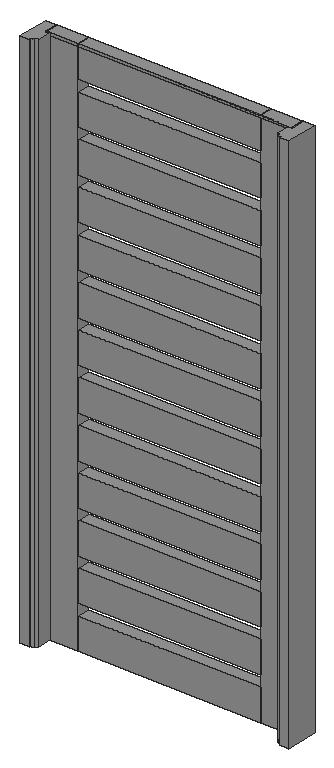
Revit family "H813HOR GATE 1800", category Doors, host Wall, Revit 2013
Parameters (values of type "H813HOR GATE 1800")
  Function = Interior
  Frame Projection Ext. = 25 mm
  Frame Projection Int. = 25 mm
  Frame Width = 75 mm
  Height = 1800 mm
  Wall Closure = By host
  Width = 889 mm
Reference planes
  plane 1: y = 0
  plane 2 "Center (Left/Right)": x = 0
  plane 3 "Left": x = -444.5
  plane 4 "Right": x = 444.5
  plane 5: z = 1800
  plane 6 "Exterior": y = 75
  plane 7 "Interior": y = -75
Forms (mm)
  Extrusion 1, solid, material "Lauan, Meranti"
    sketch origin (0, 175, 0) x (1, 0, 0) y (0, 1, 0)
      loop
        line (-406.5, -167.5) -> (-406.5, -122.5) -> (-444.5, -122.5) -> (-444.5, -227.5) -> (-414.5, -227.5) -> (-414.5, -224.5)
        arc (-414.5, -224.5) -> (-409.189, -222.973) -> (-405.5, -218.859) r 10
        line (-405.5, -218.859) -> (-402.33, -218.859)
        arc (-402.33, -218.859) -> (-399.543, -214.29) -> (-394.5, -212.5) r 8
        line (-394.5, -212.5) -> (-394.5, -167.5) -> (-406.5, -167.5)
      loop
        line (406.5, -167.5) -> (394.5, -167.5) -> (394.5, -212.5)
        arc (394.5, -212.5) -> (399.543, -214.29) -> (402.33, -218.859) r 8
        line (402.33, -218.859) -> (405.5, -218.859)
        arc (405.5, -218.859) -> (409.189, -222.973) -> (414.5, -224.5) r 10
        line (414.5, -224.5) -> (414.5, -227.5) -> (444.5, -227.5) -> (444.5, -122.5) -> (406.5, -122.5) -> (406.5, -167.5)
    from 0 to 1800
  Extrusion 2, solid, material "Lauan, Meranti"
    sketch origin (0, 1, 0) x (1, 0, 0) y (0, 1, 0)
      loop
        line (-406.5, 7.5) -> (-301.5, 7.5) -> (-301.5, 47.5) -> (-406.5, 47.5) -> (-406.5, 7.5)
      loop
        line (406.5, 7.5) -> (406.5, 47.5) -> (301.5, 47.5) -> (301.5, 7.5) -> (406.5, 7.5)
    from 0 to 1800
  Extrusion 3, solid, material "Lauan, Meranti"
    sketch origin (0, 1, 0) x (0, 1, 0) y (0, 0, 1)
      loop
        line (7.5, 0) -> (47.5, 0) -> (47.5, 105) -> (7.5, 105) -> (7.5, 0)
      loop
        line (47.5, 141.25) -> (47.5, 246.25) -> (7.5, 246.25) -> (7.5, 141.25) -> (47.5, 141.25)
      loop
        line (47.5, 282.5) -> (47.5, 387.5) -> (7.5, 387.5) -> (7.5, 282.5) -> (47.5, 282.5)
      loop
        line (47.5, 423.75) -> (47.5, 528.75) -> (7.5, 528.75) -> (7.5, 423.75) -> (47.5, 423.75)
      loop
        line (47.5, 565) -> (47.5, 670) -> (7.5, 670) -> (7.5, 565) -> (47.5, 565)
      loop
        line (47.5, 706.25) -> (47.5, 811.25) -> (7.5, 811.25) -> (7.5, 706.25) -> (47.5, 706.25)
      loop
        line (47.5, 847.5) -> (47.5, 952.5) -> (7.5, 952.5) -> (7.5, 847.5) -> (47.5, 847.5)
      loop
        line (47.5, 988.75) -> (47.5, 1093.75) -> (7.5, 1093.75) -> (7.5, 988.75) -> (47.5, 988.75)
      loop
        line (47.5, 1130) -> (47.5, 1235) -> (7.5, 1235) -> (7.5, 1130) -> (47.5, 1130)
      loop
        line (47.5, 1271.25) -> (47.5, 1376.25) -> (7.5, 1376.25) -> (7.5, 1271.25) -> (47.5, 1271.25)
      loop
        line (47.5, 1412.5) -> (47.5, 1517.5) -> (7.5, 1517.5) -> (7.5, 1412.5) -> (47.5, 1412.5)
      loop
        line (47.5, 1553.75) -> (47.5, 1658.75) -> (7.5, 1658.75) -> (7.5, 1553.75) -> (47.5, 1553.75)
      loop
        line (47.5, 1695) -> (47.5, 1800) -> (7.5, 1800) -> (7.5, 1695) -> (47.5, 1695)
    from -301.5 to 301.5
  Extrusion 4, solid, material "Aluminium"
    sketch origin (0, 0, 0) x (0, 1, 0) y (0, 0, 1)
      loop
        line (48.5, 1800) -> (48.5, 1794) -> (49.5, 1794) -> (49.5, 1801) -> (7.5, 1801) -> (7.5, 1794) -> (8.5, 1794) -> (8.5, 1800) -> (48.5, 1800)
    from -406.5 to 406.5
Lines and regions (mm)
  Opening 1
    outline origin (-3050, -75, 0) x (1, 0, 0) y (0, 0, 1)
      loop
        line (2605.5, 0) -> (3494.5, 0) -> (3494.5, 1800) -> (2605.5, 1800) -> (2605.5, 0)
  symbolic lines, style "Elevation Swing"
    curve 1: line (444.5, -75, 900) -> (-444.5, -75, 1800)
    curve 2: line (444.5, -75, 900) -> (-444.5, -75, 0)
  model lines
    curve 3: line (406.5, 52.5, 0) -> (406.5, 865.5, 0)
    curve 4: arc (-406.5, 52.5, 0) -> (-168.378, 627.378, 0) -> (406.5, 865.5, 0) r 813
Text (mm)
  text "Exterior" at (-2295.016, 1099.543, 0), in view "Ref. Level"
  text "Exterior" at (0, 1615.38, 3698.081), in view "Left"
  text "Exterior" at (0, 1036.032, 3874.932), in view "Right"
Dimensions and locks
  equal spacing: plane 3 "Left", plane 2 "Center (Left/Right)", plane 4 "Right"
  "Width": plane 3 "Left" to plane 4 "Right"
  "Height": plane 5 to host wall
  equal spacing: host wall, curve 2, plane 5
  host wall to plane 5 = 1800 mm
  locked: plane 6 "Exterior" to host wall at 0
  locked: plane 7 "Interior" to host wall
  plane 3 "Left" to plane 4 "Right" = 889 mm
  aligned and locked: plane 3 "Left" to Opening 1 sketch curve
  aligned and locked: plane 5 to Opening 1 sketch curve  (x2)
  aligned and locked: Opening 1 sketch curve to plane 4 "Right"
  aligned and locked: Opening 1 sketch curve to level
  aligned and locked: plane 5 to curve 1
  aligned and locked: plane 3 "Left" to curve 2
  aligned and locked: plane 1 to host wall
  aligned and locked: plane 3 "Left" to curve 1
Automatic sketch dimensions
  plane 4 "Right" to curve 2 = 0 mm
  curve 2 to level = 0 mm
  plane 4 "Right" to curve 3 = 38 mm
  host wall to curve 3 = 790.5 mm
  curve 4 to host wall = 22.5 mm
  curve 3 to curve 4 = 0 mm
  Extrusion 1 sketch curve to plane 3 "Left" = 0 mm
  Extrusion 1 sketch curve to plane 4 "Right" = 0 mm
  Extrusion 1 sketch curve to host wall = 22.5 mm  (x4)
  Extrusion 1 sketch curve to plane 3 "Left" = 30 mm
  Extrusion 1 sketch curve to plane 3 "Left" = 38 mm
  Extrusion 1 sketch curve to Extrusion 1 sketch curve = 9 mm  (x2)
  Extrusion 1 sketch curve to Extrusion 1 sketch curve = 3.17 mm  (x2)
  Extrusion 1 sketch curve to Extrusion 1 sketch curve = 12 mm
  plane 4 "Right" to Extrusion 1 sketch curve = 50 mm
  Extrusion 1 sketch curve to Extrusion 1 sketch curve = 7.83 mm
  plane 4 "Right" to Extrusion 1 sketch curve = 38 mm
  Extrusion 1 sketch curve to Extrusion 1 sketch curve = 3 mm  (x2)
  Extrusion 1 sketch curve to Extrusion 1 sketch curve = 5.641 mm  (x2)
  Extrusion 1 sketch curve to Extrusion 1 sketch curve = 6.359 mm  (x2)
  Extrusion 1 sketch curve to host wall = 7.5 mm  (x2)
  Extrusion 2 sketch curve to host wall = 8.5 mm  (x2)
  Extrusion 2 sketch curve to plane 3 "Left" = 38 mm
  Extrusion 2 sketch curve to host wall = 26.5 mm  (x2)
  Extrusion 2 sketch curve to Extrusion 2 sketch curve = 105 mm
  plane 4 "Right" to Extrusion 2 sketch curve = 143 mm
  plane 4 "Right" to Extrusion 2 sketch curve = 38 mm
  Extrusion 3 sketch curve to level = 0 mm
  plane 5 to Extrusion 3 sketch curve = 0 mm
  Extrusion 3 sketch curve to host wall = 8.5 mm  (x13)
  Extrusion 3 sketch curve to host wall = 26.5 mm  (x13)
  level to Extrusion 3 sketch curve = 105 mm
  Extrusion 3 sketch curve to Extrusion 3 sketch curve = 36.25 mm  (x12)
  Extrusion 3 sketch curve to Extrusion 3 sketch curve = 105 mm  (x11)
  plane 5 to Extrusion 4 sketch curve = 0 mm
  plane 5 to Extrusion 4 sketch curve = 6 mm  (x2)
  Extrusion 4 sketch curve to host wall = 26.5 mm
  Extrusion 4 sketch curve to Extrusion 4 sketch curve = 1 mm  (x2)
  Extrusion 4 sketch curve to plane 5 = 1 mm
  Extrusion 4 sketch curve to host wall = 7.5 mm
